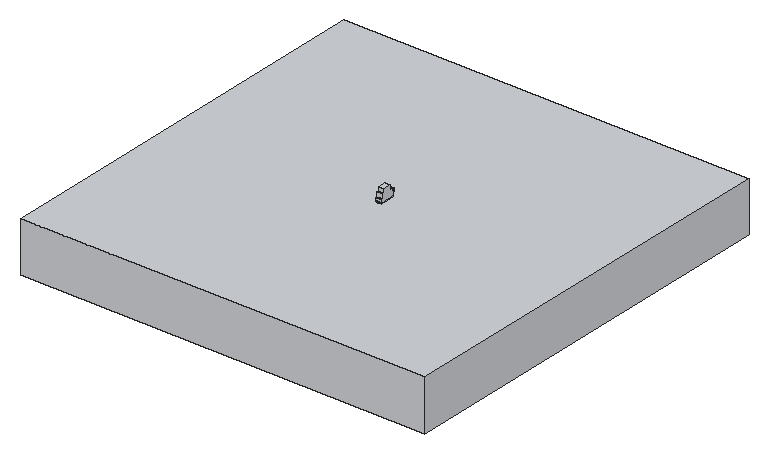
Revit family "Gira_102300", category Elektroinstallationen, Revit 2017
Family settings
  Basisbauteil = Fläche
  Beschriftungsausrichtung beibehalten = Nein
  Bemaßung runder Anschluss = Durchmesser verwenden
  Teiletyp = Normal
  Beim Laden mit Abzugskörper schneiden = Nein
  Gemeinsam genutzt = Nein
  Raumberechnungspunkt = Nein
Parameters
  Width in number of modular spacings = 2
  Default Elevation = 1219.2 mm
  URL = "https://www.gira.de/"
  Typname = "Area/line coup. line ampl. KNX DRA"
  Productwebsite = "http://katalog.gira.de/en/datenblatt.html?artikelnr=102300"
  Other bus systems = "None"
  Mounting method = "DRA (DIN-rail adapter)"
  Hersteller = "Gira"
  HAN = "102300"
  GTIN = "4010337040798"
  Data sheet = "https://katalog.gira.de/en/download.html?artikelnr=102300"
  Bus system radio frequent = no
  Bus system Powernet = no
  Bus system LON = no
  Bus system KNX radio = no
  Bus system KNX = yes
  Beschreibung = "Area line coup.line ampl.DRA KNX,KNX area line coupler or line amplifier,,DRA plus,Features:,- The area line coupler connects two KNX lines to each other for data transfer and ensures electrical isolation between these lines. As a result, each bus line of a KNX installation can be operated electrically independently of the other lines.,Area line coupler:,- Use as an area or line coupler, depending on the specification of the physical address and parameterisation.,- Reduction of the bus load via filter function (filter table).,- Forwarding of group telegrams can be parameterised.,- Repetition rate in the case of transfer errors.,- Telegram confirmation can be parameterised.,- Support of the completely expanded group address area from 0 to 31 with the functions block\", \"forward unfiltered\", and \"filter\" in both communication directions between the main and subline.,- \"Forward unfiltered\" and \"block\" functions can also be selected for physically addressed telegrams between main and subline in both communication directions (programming and tamper protection).,- \"Repeat: yes no\" function can be set separately in case of transfer errors on the main or subline for the telegram type \"Broadcast\".,- Telegram confirmation on the main and subline possible separately for group telegrams and physically addressed telegrams with the settings \"always\" and \"for forwarding only\".,- For physically addressed telegrams, the setting \"always reject NACK (Not-Acknowledge)\" can be selected (programming protection with feedback).,Line amplifier:,- As a line amplifier, extending the lines to max. four line segments (max. three line amplifiers per line connected in parallel per line) with up to 64 devices each is possible.,- Repetition rate in the case of transfer errors.,,Notes :,- A separate power supply is required for each line (area line, main line, line) or each line segment.\""
  BIM = "https://media.stage.bim.site/public/gira/ad86d9f/Gira%20X1%20REG%20KNX.rfa?public/gira/ad86d9f/Gira X1 REG KNX.rfa"
Reference planes
  plane 1 "Center (Front/Back)": y = 0
  plane 2: z = 0
  plane 3 "Center (Left/Right)": x = 0
Forms (mm)
  Extrusion 1, solid
    sketch origin (0, 0, 0) x (1, 0, 0) y (0, 1, 0)
      loop
        line (-1219.2, 1219.2) -> (-1219.2, -1219.2) -> (1219.2, -1219.2) -> (1219.2, 1219.2) -> (-1219.2, 1219.2)
    from 0 to -304.8
  Extrusion 2, solid, detail levels fine
    sketch origin (0, -0.2, 0) x (0, 1, 0) y (0, 0, 1)
      loop
        line (22.65, 43.82) -> (22.65, 68.77) -> (-22.25, 68.77) -> (-22.25, 43.82) -> (-30.4, 43.82) -> (-30.4, 19.42) -> (-44.8, 19.42) -> (-44.8, 1.97) -> (45.192, 1.97) -> (45.192, 28.47) -> (32.925, 28.47) -> (32.831, 39.259) -> (31.225, 41.242) -> (31.225, 43.82) -> (22.65, 43.82)
    from -17.95 to 17.95
  Extrusion 3, solid, detail levels fine
    sketch origin (0, -0.2, 0) x (0, 1, 0) y (0, 0, 1)
      loop
        line (45.192, 43.82) -> (31.225, 43.82) -> (31.225, 41.242) -> (32.831, 39.259) -> (32.925, 28.47) -> (45.192, 28.47) -> (45.192, 43.82)
    from -17.95 to -15.8
  Extrusion 4, solid, detail levels fine
    sketch origin (0, -0.2, 0) x (0, 1, 0) y (0, 0, -1)
      loop
        line (45.192, -43.82) -> (45.192, -28.47) -> (32.925, -28.47) -> (32.831, -39.259) -> (31.225, -41.242) -> (31.225, -43.82) -> (45.192, -43.82)
    from -17.95 to -15.8
  Extrusion 5, solid, detail levels fine
    sketch origin (0, -0.2, 0) x (0, 1, 0) y (0, 0, 1)
      loop
        line (31.5, 42.848) -> (31.5, 40.412)
        arc (31.5, 40.412) -> (38.359, 39.512) -> (45.192, 38.435) r 267
        line (45.192, 38.435) -> (45.192, 14.255)
        arc (45.192, 14.255) -> (50.205, 15.189) -> (55.2, 16.219) r 264.9
        line (55.2, 16.219) -> (55.2, 38.933)
        arc (55.2, 38.933) -> (43.394, 41.159) -> (31.5, 42.848) r 265
    from -15.506 to 15.5
  Extrusion 6, solid, detail levels fine
    sketch origin (0, -0.2, 0) x (0, 1, 0) y (0, 0, 1)
      loop
        line (45.2, 1.5) -> (17.774, 1.5) -> (17.905, -6.017)
        arc (17.905, -6.017) -> (20.285, -6.454) -> (22.7, -6.6) r 20
        arc (22.7, -6.6) -> (33.985, -5.009) -> (45.128, -2.618) r 160
        line (45.128, -2.618) -> (45.2, 1.5)
    from -17.95 to 18
  Extrusion 7, solid, detail levels fine
    sketch origin (0, -0.2, 0) x (0, 1, 0) y (0, 0, 1)
      loop
        line (17.905, -6.017) -> (17.824, -1.4) -> (16.8, -1.4) -> (14.749, -4.952)
        arc (14.749, -4.952) -> (16.305, -5.55) -> (17.905, -6.017) r 20
    from -17.95 to -13
  Extrusion 8, solid, detail levels fine
    sketch origin (0, -0.2, 0) x (0, 1, 0) y (0, 0, -1)
      loop
        arc (17.905, 6.017) -> (16.305, 5.55) -> (14.749, 4.952) r 20
        line (14.749, 4.952) -> (16.8, 1.4) -> (17.824, 1.4) -> (17.905, 6.017)
    from -17.95 to -13
  Extrusion 9, solid, detail levels fine
    sketch origin (0, -0.2, 0) x (0, 1, 0) y (0, 0, 1)
      loop
        line (17.8, 0) -> (17.774, 1.5) -> (-44.8, 1.5) -> (-44.774, 0) -> (17.8, 0)
    from -17.95 to 17.95
  Extrusion 10, solid, detail levels fine
    sketch origin (0, 0, 0) x (0, 1, 0) y (0, 0, 1)
      loop
        line (-48.916, -3.317) -> (-44.906, -3.881) -> (-44.974, 0) -> (-48.916, 0) -> (-48.916, -3.317)
    from -4.803 to 4.797
  Extrusion 11, solid, detail levels fine
    sketch origin (0, 0, 0) x (0, 1, 0) y (0, 0, 1)
      loop
        arc (-22.5, -6.6) -> (-20.811, -6.529) -> (-19.134, -6.315) r 20
        line (-19.134, -6.315) -> (-18.029, -3.279) -> (-18, 0) -> (-44.974, 0) -> (-44.928, -2.618)
        arc (-44.928, -2.618) -> (-33.785, -5.009) -> (-22.5, -6.6) r 160
    from -17.95 to -10.5
  Extrusion 12, solid, detail levels fine
    sketch origin (0, 0, 0) x (0, 1, 0) y (0, 0, -1)
      loop
        arc (-22.5, 6.6) -> (-33.785, 5.009) -> (-44.928, 2.618) r 160
        line (-44.928, 2.618) -> (-44.974, 0) -> (-18, 0) -> (-18.029, 3.279) -> (-19.134, 6.315)
        arc (-19.134, 6.315) -> (-20.811, 6.529) -> (-22.5, 6.6) r 20
    from -17.95 to -10.5
  Extrusion 13, solid, detail levels fine
    sketch origin (0, 0, 0) x (0, 1, 0) y (0, 0, 1)
      loop
        line (-30.708, -6.6) -> (-30.65, 0) -> (-44.974, 0) -> (-44.859, -6.6) -> (-30.708, -6.6)
    from -10.5 to 10.5
  Extrusion 14, solid, detail levels fine
    sketch origin (0, 0, 0) x (1, 0, 0) y (0, 1, 0)
      loop
        circle (-0.003, -20.023) r 1
    from -7.682 to 0
  Extrusion 15, solid, detail levels fine
    sketch origin (0, 0, 0) x (0, 1, 0) y (0, 0, 1)
      loop
        line (-17.523, -0.8) -> (-17.523, 0) -> (-30.65, 0) -> (-30.684, -3.9) -> (-27.106, -3.9) -> (-27.106, -5.6) -> (-19.623, -6.6) -> (-18.03, -6.6) -> (-15.023, -2.682) -> (-15.023, -1.517) -> (-17.523, -0.8)
    from -4.503 to 4.5
  Extrusion 16, solid, detail levels fine
    sketch origin (0, 0, 0) x (1, 0, 0) y (0, 1, 0)
      loop
        line (16.859, 43.848) -> (-16.859, 43.848) -> (-16.859, -43.859) -> (16.859, -43.859) -> (16.859, 43.848)
    from 1.5 to 4
  Extrusion 17, solid, detail levels medium
    sketch origin (0, 0, 0) x (0, 1, 0) y (0, 0, 1)
      loop
        line (22.45, 68.77) -> (-22.45, 68.77) -> (-22.45, 43.82) -> (-30.6, 43.82) -> (-30.6, 19.42) -> (-45, 19.42) -> (-45, 0) -> (-48.916, 0) -> (-48.916, -6.6) -> (-15.023, -6.6) -> (-15.023, 0) -> (14.549, 0) -> (14.549, -6.6) -> (44.992, -6.6) -> (44.992, 14.255)
        arc (44.992, 14.255) -> (50.005, 15.189) -> (55, 16.219) r 264.9
        line (55, 16.219) -> (55, 38.933)
        arc (55, 38.933) -> (50.005, 39.943) -> (44.992, 40.856) r 265
        line (44.992, 40.856) -> (44.992, 43.82) -> (22.45, 43.82) -> (22.45, 68.77)
    from -17.95 to 17.95
  Extrusion 18, solid, detail levels coarse
    sketch origin (0, 0, 0) x (1, 0, 0) y (0, 1, 0)
      loop
        line (-17.95, 55) -> (-17.95, -48.916) -> (17.95, -48.916) -> (17.95, 55) -> (-17.95, 55)
    from -7.682 to 68.77
Dimensions and locks
  aligned and locked: plane 2 to Extrusion 1
  aligned and locked: level to Extrusion 1
Connectors
  electrical at (0, -13.687, 0)
    settings: on Extrusion 9, index 1, voltage 24 V, apparent load 0 VA, apparent load phase1 0 VA, apparent load phase2 0 VA, apparent load phase3 0 VA, power factor 1, load classification "Other", number of poles 1, system type 30, power factor state 1, is connector primary yes, connector utility no, sub classification motor no, connector description ""
